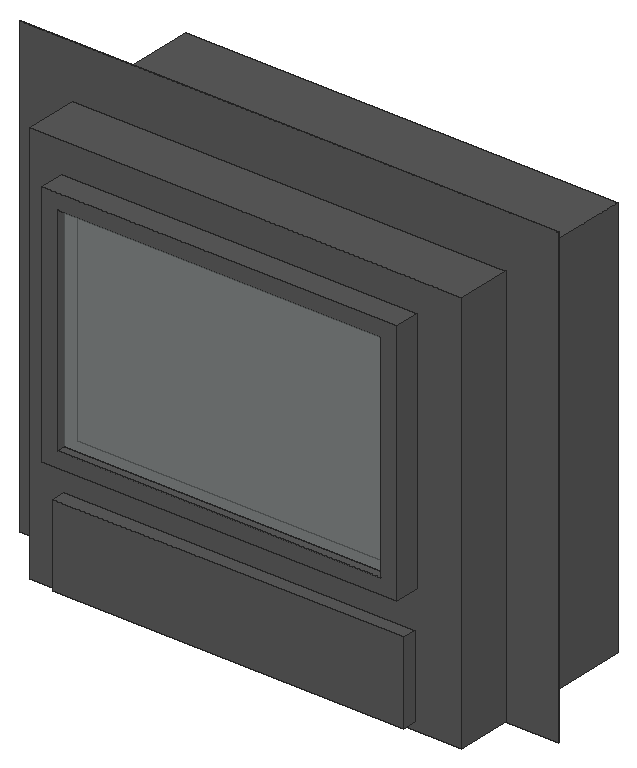
Revit family "R324STIO", category Generic Models, Revit 2019
Family settings
  Can host rebar = No
  Round Connector Dimension = Use Diameter
  Part Type = Normal
  Work Plane-Based = No
  Always vertical = Yes
  Cut with Voids When Loaded = No
  Shared = No
  Room Calculation Point = No
Parameters
  Width = 12 5/16"
  URL = "https://www.montigo.com/"
  Model = ""
  Manufacturer Fax = ""
  Manufacturer Website = "https://www.montigo.com/"
  Manufacturer Phone - Toll Free = "800-378-3115"
  Manufacturer Phone = ""
  Manufacturer Address = "27342 Gloucester Way  Langley, BC, Canada   V4W 4A1"
  Manufacturer = "Montigo"
  Length = 53 7/16"
  Keynote = ""
  Glazing Tint = Glass - Montigo - Tint as Specified
  Frame Material = Metal - Montigo - Black
  Firebox Material = Metal - Montigo - White
  Fire Place Length = 50 5/16"
  Fire Place Height = 24 1/2"
  Fire Place - Opening = 16 9/16"
  Description = "Montigo Fireplace as Specified"
  Base Height = 6 9/16"
Reference planes (in)
  plane 1 "Center (Front/Back)": y = 0
  plane 2: z = 0
  plane 3 "Center (Left/Right)": x = 0
Forms (in)
  Extrusion 1, solid, material "Metal - Montigo - Black" <- "Frame Material"
    sketch origin (97.04246, 11.79673, 0) x (1, 0, 0) y (0, 1, 0)
      loop
        line (-121.10946, 3.74527) -> (-121.10946, -17.86273) -> (-72.97546, -17.86273) -> (-72.97546, 3.74527) -> (-121.10946, 3.74527)
    from 0 to 45
  Extrusion 2, solid, material "Metal - Montigo - Black" <- "Frame Material"
    sketch origin (97.04246, 11.79673, 0) x (1, 0, 0) y (0, 1, 0)
      loop
        line (-115.22996, 5.31425) -> (-115.22996, 3.74527) -> (-78.85496, 3.74527) -> (-78.85496, 5.31425) -> (-115.22996, 5.31425)
    from 16.44 to 40.285
  Extrusion 3, solid, material "Metal - Montigo - Black" <- "Frame Material"
    sketch origin (97.04246, -11.38025, 0) x (1, 0, 0) y (0, 1, 0)
      loop
        line (-115.04246, 5.31425) -> (-115.04246, 4.30125) -> (-78.97546, 4.30125) -> (-78.97546, 5.31425) -> (-115.04246, 5.31425)
    from 16.344 to 40.536
  Extrusion 4, solid, material "Metal - Montigo - Black" <- "Frame Material"
    sketch origin (97.04246, -14.07925, 0) x (1, 0, 0) y (0, 1, 0)
      loop
        line (-116.81621, 7.00025) -> (-116.81621, 4.30125) -> (-77.26871, 4.30125) -> (-77.26871, 7.00025) -> (-116.81621, 7.00025)
    from 14.8375 to 42.2905
  Extrusion 5, solid, material "Metal - Montigo - Black" <- "Frame Material"
    sketch origin (97.04246, -11.38025, 0) x (1, 0, 0) y (0, 1, 0)
      loop
        line (-115.04246, 5.31425) -> (-115.04246, 4.33225) -> (-78.97546, 4.33225) -> (-78.97546, 5.31425) -> (-115.04246, 5.31425)
    from 2.48 to 9.681
  Extrusion 6, solid, material "Metal - Montigo - Black" <- "Frame Material"
    sketch origin (97.04246, -12.36225, 0) x (1, 0, 0) y (0, 1, 0)
      loop
        line (-116.60071, 5.31425) -> (-116.60071, 3.82925) -> (-77.48421, 3.82925) -> (-77.48421, 5.31425) -> (-116.60071, 5.31425)
    from 1.46625 to 10.60025
  Extrusion 7, solid, material "Metal - Montigo - Black" <- "Frame Material"
    sketch origin (97.04246, 11.79673, 0) x (1, 0, 0) y (0, 1, 0)
      loop
        line (-127.04246, -11.76673) -> (-127.04246, -11.82673) -> (-67.04246, -11.82673) -> (-67.04246, -11.76673) -> (-127.04246, -11.76673)
    from 0 to 51
  Extrusion 8, void
    sketch origin (166.28358, 54.05772, 0) x (-1, 0, 0) y (0, 0, -1)
      loop
        line (184.28358, -40.564) -> (184.28358, -16.564) -> (148.28358, -16.564) -> (148.28358, -40.564) -> (184.28358, -40.564)
    from 63 to 73
Cuts and joins
  Extrusion 8 cuts Extrusion 4
Dimensions and locks (in)
  aligned and locked: level to plane 2
